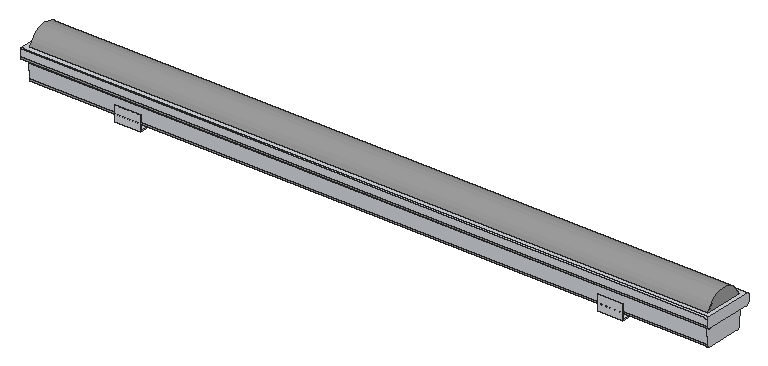
Revit family "0010237", category Lighting Fixtures, host Face, Revit 2017 (continued)
Types (60, lengths in mm): name | Weight | Wattage | TypeName | built-in parameter 1150134 | Photometric Web File | PowerFactor | PowerConsumption | NominalLength | Name | ModelReference | ModelNumber | Model | LuminousEfficacy | built-in parameter 1150105 | Lumens | LampNominalLuminous | LampMacAdamStep | LampColourTemperature | LENGHT_SYL | LENGHT_CHAMFER_SYL | LENGHT-_SYL | LENGHT-_CHAMFER_SYL | L0650_SYL | L1500_SYL | L1200_SYL | built-in parameter 1150107 | built-in parameter 1150106 | built-in parameter 1150104 | DocumentationLiterature | Description | BRACKET_WIDTH_SYL | BRACKET_DIST_SYL | Apparent Load
  0010215 RESISTO 1200 IP66 4800LM 840 QC | "1.61 kg" | 35 W | "Resisto  1200 IP66 4800lm 840 QC" | 12 | "0010215.ies" | 0.95 | "35 W" | 1212 | "Resisto  1200 IP66 4800lm 840 QC" | "Resisto  1200 IP66 4800lm 840 QC" | "0010215" | "Resisto  1200 IP66 4800lm 840 QC" | "137 lm/W" | 1583.6 (stored number, unit not read) | 4795 lm | "4800 lm" | "5" | "4000 K" | 592 | 600 | -592 | -600 | no | no | yes | 4000 (stored number, unit not read) | 15.836 (stored number, unit not read) | 12.728 (stored number, unit not read) | "http://www.sylvania-lighting.com/product/en-int/products/0010215" | "Resisto, integrated LED weatherproof luminaire, with UV stabilized flat diffuser designed to achieve uniform lit appearance, optimise light output and to reduce glare. 301 stainless steel diffuser clips and fixing brackets for surface mounting. Polycarbonate housing and diffuser - no yellow discolouration over time. 4800lm; 35W; 137lm/W; 4000K; SDCM<5; non dimmable; CRI80; IP66; IK08; Class I; 69,000hrs (L80B20) lifespan; 1200mm x 89mm x 88mm; D-mark; assembled with quick connector." | 400 | 444 | 35 VA
  0010214 RESISTO 1200 IP66 2800LM 840 QC | "1.57 kg" | 21 W | "Resisto  1200 IP66 2800lm 840 QC" | 12 | "0010214.ies" | 0.95 | "21 W" | 1212 | "Resisto  1200 IP66 2800lm 840 QC" | "Resisto  1200 IP66 2800lm 840 QC" | "0010214" | "Resisto  1200 IP66 2800lm 840 QC" | "133 lm/W" | 917.95 (stored number, unit not read) | 2793 lm | "2800 lm" | "5" | "4000 K" | 592 | 600 | -592 | -600 | no | no | yes | 4000 (stored number, unit not read) | 9.1795 (stored number, unit not read) | 12.356 (stored number, unit not read) | "http://www.sylvania-lighting.com/product/en-int/products/0010214" | "Resisto, integrated LED weatherproof luminaire, with UV stabilized flat diffuser designed to achieve uniform lit appearance, optimise light output and to reduce glare. 301 stainless steel diffuser clips and fixing brackets for surface mounting. Polycarbonate housing and diffuser - no yellow discolouration over time. 2800lm; 21W; 133lm/W; 4000K; SDCM<5; non dimmable; CRI80; IP66; IK08; Class I; 69,000hrs (L80B20) lifespan; 1200mm x 89mm x 88mm; D-mark; assembled with quick connector." | 400 | 444 | 21 VA
  0010213 RESISTO 1200 IP66 4800LM 865 | "1.54 kg" | 35 W | "Resisto  1200 IP66 4800lm 865" | 1 | "0010213.ies" | 0.95 | "35 W" | 1200 | "Resisto  1200 IP66 4800lm 865" | "Resisto  1200 IP66 4800lm 865" | "0010213" | "Resisto  1200 IP66 4800lm 865" | "137 lm/W" | 1583.6 (stored number, unit not read) | 4795 lm | "4800 lm" | "5" | "6500 K" | 592 | 600 | -592 | -600 | no | no | yes | 6500 (stored number, unit not read) | 15.836 (stored number, unit not read) | 12.728 (stored number, unit not read) | "http://www.sylvania-lighting.com/product/en-int/products/0010213" | "Resisto, integrated LED weatherproof luminaire, with UV stabilized flat diffuser designed to achieve uniform lit appearance, optimise light output and to reduce glare. 301 stainless steel diffuser clips and fixing brackets for surface mounting. Polycarbonate housing and diffuser - no yellow discolouration over time. 4800lm; 35W; 137lm/W; 6500K; SDCM<5; non dimmable; CRI80; IP66; IK08; Class I; 69,000hrs (L80B20) lifespan; 1200mm x 89mm x 88mm; D-mark." | 400 | 444 | 35 VA
  0010212 RESISTO 1200 IP66 2800LM 865 | "1.5 kg" | 21 W | "Resisto  1200 IP66 2800lm 865" | 1 | "0010212.ies" | 0.95 | "21 W" | 1200 | "Resisto  1200 IP66 2800lm 865" | "Resisto  1200 IP66 2800lm 865" | "0010212" | "Resisto  1200 IP66 2800lm 865" | "133 lm/W" | 917.95 (stored number, unit not read) | 2793 lm | "2800 lm" | "5" | "6500 K" | 592 | 600 | -592 | -600 | no | no | yes | 6500 (stored number, unit not read) | 9.1795 (stored number, unit not read) | 12.356 (stored number, unit not read) | "http://www.sylvania-lighting.com/product/en-int/products/0010212" | "Resisto, integrated LED weatherproof luminaire, with UV stabilized flat diffuser designed to achieve uniform lit appearance, optimise light output and to reduce glare. 301 stainless steel diffuser clips and fixing brackets for surface mounting. Polycarbonate housing and diffuser - no yellow discolouration over time. 2800lm; 21W; 133lm/W; 6500K; SDCM<5; non dimmable; CRI80; IP66; IK08; Class I; 69,000hrs (L80B20) lifespan; 1200mm x 89mm x 88mm; D-mark." | 400 | 444 | 21 VA
  0010211 RESISTO 1200 IP66 4800LM 840 | "11.88 kg" | 35 W | "Resisto  1200 IP66 4800lm 840" | 12 | "0010211.ies" | 0.95 | "35.0 W" | 1200 | "Resisto  1200 IP66 4800lm 840" | "Resisto  1200 IP66 4800lm 840" | "0010211" | "Resisto  1200 IP66 4800lm 840" | "137 lm/W" | -7601417.6 (stored number, unit not read) | 4795 lm | "4800 lm" | "5" | "4000 K" | 592 | 600 | -592 | -600 | no | no | yes | 4000 (stored number, unit not read) | -76014.2 (stored number, unit not read) | 12.728 (stored number, unit not read) | "http://www.sylvania-lighting.com/product/en-int/products/0010211" | "Resisto, integrated LED weatherproof luminaire, with UV stabilized flat diffuser designed to achieve uniform lit appearance, optimise light output and to reduce glare. 301 stainless steel diffuser clips and fixing brackets for surface mounting. Polycarbonate housing and diffuser - no yellow discolouration over time. 4800lm; 35W; 137lm/W; 4000K; SDCM<5; non dimmable; CRI80; IP66; IK08; Class I; 69,000hrs (L80B20) lifespan; 1200mm x 89mm x 88mm; D-mark." | 400 | 444 | 35 VA
  0010210 RESISTO 1200 IP66 2800LM 840 | "11.88 kg" | 21 W | "Resisto  1200 IP66 2800lm 840" | 12 | "0010210.ies" | 0.95 | "21.0 W" | 1200 | "Resisto  1200 IP66 2800lm 840" | "Resisto  1200 IP66 2800lm 840" | "0010210" | "Resisto  1200 IP66 2800lm 840" | "133 lm/W" | -2570258.2 (stored number, unit not read) | 2793 lm | "2800 lm" | "5" | "4000 K" | 592 | 600 | -592 | -600 | no | no | yes | 4000 (stored number, unit not read) | -25702.6 (stored number, unit not read) | 12.356 (stored number, unit not read) | "http://www.sylvania-lighting.com/product/en-int/products/0010210" | "Resisto, integrated LED weatherproof luminaire, with UV stabilized flat diffuser designed to achieve uniform lit appearance, optimise light output and to reduce glare. 301 stainless steel diffuser clips and fixing brackets for surface mounting. Polycarbonate housing and diffuser - no yellow discolouration over time. 2800lm; 21W; 133lm/W; 4000K; SDCM<5; non dimmable; CRI80; IP66; IK08; Class I; 69,000hrs (L80B20) lifespan; 1200mm x 89mm x 88mm; D-mark." | 400 | 444 | 21 VA
  0010209 RESISTO 1200 IP66 4800LM 830 | "1.54 kg" | 35 W | "Resisto  1200 IP66 4800lm 830" | (empty or 0) | "0010209.ies" | 0.95 | "35 W" | 1200 | "Resisto  1200 IP66 4800lm 830" | "Resisto  1200 IP66 4800lm 830" | "0010209" | "Resisto  1200 IP66 4800lm 830" | "137 lm/W" | 1583.6 (stored number, unit not read) | 4795 lm | "4800 lm" | "5" | "3000 K" | 592 | 600 | -592 | -600 | no | no | yes | 3000 (stored number, unit not read) | 15.836 (stored number, unit not read) | 12.728 (stored number, unit not read) | "http://www.sylvania-lighting.com/product/en-int/products/0010209" | "Resisto, integrated LED weatherproof luminaire, with UV stabilized flat diffuser designed to achieve uniform lit appearance, optimise light output and to reduce glare. 301 stainless steel diffuser clips and fixing brackets for surface mounting. Polycarbonate housing and diffuser - no yellow discolouration over time. 4800lm; 35W; 137lm/W; 3000K; SDCM<5; non dimmable; CRI80; IP66; IK08; Class I; 69,000hrs (L80B20) lifespan; 1200mm x 89mm x 88mm; D-mark." | 400 | 444 | 35 VA
  0010208 RESISTO 1200 IP66 2800LM 830 | "1.5 kg" | 21 W | "Resisto  1200 IP66 2800lm 830" | (empty or 0) | "0010208.ies" | 0.95 | "21 W" | 1200 | "Resisto  1200 IP66 2800lm 830" | "Resisto  1200 IP66 2800lm 830" | "0010208" | "Resisto  1200 IP66 2800lm 830" | "133 lm/W" | 917.95 (stored number, unit not read) | 2793 lm | "2800 lm" | "5" | "3000 K" | 592 | 600 | -592 | -600 | no | no | yes | 3000 (stored number, unit not read) | 9.1795 (stored number, unit not read) | 12.356 (stored number, unit not read) | "http://www.sylvania-lighting.com/product/en-int/products/0010208" | "Resisto, integrated LED weatherproof luminaire, with UV stabilized flat diffuser designed to achieve uniform lit appearance, optimise light output and to reduce glare. 301 stainless steel diffuser clips and fixing brackets for surface mounting. Polycarbonate housing and diffuser - no yellow discolouration over time. 2800lm; 21W; 133lm/W; 3000K; SDCM<5; non dimmable; CRI80; IP66; IK08; Class I; 69,000hrs (L80B20) lifespan; 1200mm x 89mm x 88mm; D-mark." | 400 | 444 | 21 VA
  0010207 RESISTO 600 HE IP66 2500LM 840 | "0.96 kg" | 16 W | "Resisto  600 HE IP66 2500lm 840" | 12 | "0010207.ies" | 0.95 | "16 W" | 650 | "Resisto  600 HE IP66 2500lm 840" | "Resisto  600 HE IP66 2500lm 840" | "0010207" | "Resisto  600 HE IP66 2500lm 840" | "156 lm/W" | 829.02 (stored number, unit not read) | 2496 lm | "2500 lm" | "3" | "4000 K" | 317 | 325 | -317 | -325 | yes | no | no | 4000 (stored number, unit not read) | 8.2902 (stored number, unit not read) | 14.493 (stored number, unit not read) | "http://www.sylvania-lighting.com/product/en-int/products/0010207" | "Resisto, integrated LED weatherproof luminaire, with UV stabilized flat diffuser designed to achieve uniform lit appearance, optimise light output and to reduce glare. 301 stainless steel diffuser clips and fixing brackets for surface mounting. Polycarbonate housing and diffuser - no yellow discolouration over time. 2500lm; 16W; 156lm/W; 4000K; SDCM<3; non dimmable; CRI80; IP66; IK08; Class I; 69,000hrs (L80B20) lifespan; 650mm x 89mm x 88mm; D-mark." | 125 | 169 | 16 VA
  0010206 RESISTO 600 HE IP66 1400LM 840 | "0.88 kg" | 10 W | "Resisto  600 HE IP66 1400lm 840" | 12 | "0010206.ies" | 0.9 | "10 W" | 650 | "Resisto  600 HE IP66 1400lm 840" | "Resisto  600 HE IP66 1400lm 840" | "0010206" | "Resisto  600 HE IP66 1400lm 840" | "140 lm/W" | 479.25 (stored number, unit not read) | 1400 lm | "1400 lm" | "3" | "4000 K" | 317 | 325 | -317 | -325 | yes | no | no | 4000 (stored number, unit not read) | 4.7925 (stored number, unit not read) | 13.006 (stored number, unit not read) | "http://www.sylvania-lighting.com/product/en-int/products/0010206" | "Resisto, integrated LED weatherproof luminaire, with UV stabilized flat diffuser designed to achieve uniform lit appearance, optimise light output and to reduce glare. 301 stainless steel diffuser clips and fixing brackets for surface mounting. Polycarbonate housing and diffuser - no yellow discolouration over time. 1400lm; 10W; 140lm/W; 4000K; SDCM<3; non dimmable; CRI80; IP66; IK08; Class I; 69,000hrs (L80B20) lifespan; 650mm x 89mm x 88mm; D-mark." | 125 | 169 | 10 VA
  0010205 RESISTO 600 IP66 2500LM 865 | "0.88 kg" | 19 W | "Resisto  600 IP66 2500lm 865" | 1 | "0010205.ies" | 1 | "19 W" | 650 | "Resisto  600 IP66 2500lm 865" | "Resisto  600 IP66 2500lm 865" | "0010205" | "Resisto  600 IP66 2500lm 865" | "132 lm/W" | 833.01 (stored number, unit not read) | 2508 lm | "2500 lm" | "5" | "6500 K" | 317 | 325 | -317 | -325 | yes | no | no | 6500 (stored number, unit not read) | 8.3301 (stored number, unit not read) | 12.263 (stored number, unit not read) | "http://www.sylvania-lighting.com/product/en-int/products/0010205" | "Resisto, integrated LED weatherproof luminaire, with UV stabilized flat diffuser designed to achieve uniform lit appearance, optimise light output and to reduce glare. 301 stainless steel diffuser clips and fixing brackets for surface mounting. Polycarbonate housing and diffuser - no yellow discolouration over time. 2500lm; 19W; 132lm/W; 6500K; SDCM<5; non dimmable; CRI80; IP66; IK08; Class I; 69,000hrs (L80B20) lifespan; 650mm x 89mm x 88mm; D-mark." | 125 | 169 | 19 VA
  0010204 RESISTO 600 IP66 1600LM 865 | "0.88 kg" | 12 W | "Resisto  600 IP66 1600lm 865" | 1 | "0010204.ies" | 0.9 | "12 W" | 650 | "Resisto  600 IP66 1600lm 865" | "Resisto  600 IP66 1600lm 865" | "0010204" | "Resisto  600 IP66 1600lm 865" | "133 lm/W" | 546.34 (stored number, unit not read) | 1596 lm | "1600 lm" | "5" | "6500 K" | 317 | 325 | -317 | -325 | yes | no | no | 6500 (stored number, unit not read) | 5.4634 (stored number, unit not read) | 12.356 (stored number, unit not read) | "http://www.sylvania-lighting.com/product/en-int/products/0010204" | "Resisto, integrated LED weatherproof luminaire, with UV stabilized flat diffuser designed to achieve uniform lit appearance, optimise light output and to reduce glare. 301 stainless steel diffuser clips and fixing brackets for surface mounting. Polycarbonate housing and diffuser - no yellow discolouration over time. 1600lm; 12W; 133lm/W; 6500K; SDCM<5; non dimmable; CRI80; IP66; IK08; Class I; 69,000hrs (L80B20) lifespan; 650mm x 89mm x 88mm; D-mark." | 125 | 169 | 12 VA
  0010203 RESISTO 600 IP66 2500LM 840 | "10.2 kg" | 19 W | "Resisto  600 IP66 2500lm 840" | 12 | "0010203.ies" | 0.95 | "19.0 W" | 650 | "Resisto  600 IP66 2500lm 840" | "Resisto  600 IP66 2500lm 840" | "0010203" | "Resisto  600 IP66 2500lm 840" | "132 lm/W" | -2082492.7 (stored number, unit not read) | 2508 lm | "2500 lm" | "5" | "4000 K" | 317 | 325 | -317 | -325 | yes | no | no | 4000 (stored number, unit not read) | -20824.9 (stored number, unit not read) | 12.263 (stored number, unit not read) | "http://www.sylvania-lighting.com/product/en-int/products/0010203" | "Resisto, integrated LED weatherproof luminaire, with UV stabilized flat diffuser designed to achieve uniform lit appearance, optimise light output and to reduce glare. 301 stainless steel diffuser clips and fixing brackets for surface mounting. Polycarbonate housing and diffuser - no yellow discolouration over time. 2500lm; 19W; 132lm/W; 4000K; SDCM<5; non dimmable; CRI80; IP66; IK08; Class I; 69,000hrs (L80B20) lifespan; 650mm x 89mm x 88mm; D-mark." | 125 | 169 | 19 VA
  0010202 RESISTO 600 IP66 1600LM 840 | "10.2 kg" | 12 W | "Resisto  600 IP66 1600lm 840" | 12 | "0010202.ies" | 0.9 | "12.0 W" | 650 | "Resisto  600 IP66 1600lm 840" | "Resisto  600 IP66 1600lm 840" | "0010202" | "Resisto  600 IP66 1600lm 840" | "133 lm/W" | -874129.2 (stored number, unit not read) | 1596 lm | "1600 lm" | "5" | "4000 K" | 317 | 325 | -317 | -325 | yes | no | no | 4000 (stored number, unit not read) | -8741.3 (stored number, unit not read) | 12.356 (stored number, unit not read) | "http://www.sylvania-lighting.com/product/en-int/products/0010202" | "Resisto, integrated LED weatherproof luminaire, with UV stabilized flat diffuser designed to achieve uniform lit appearance, optimise light output and to reduce glare. 301 stainless steel diffuser clips and fixing brackets for surface mounting. Polycarbonate housing and diffuser - no yellow discolouration over time. 1600lm; 12W; 133lm/W; 4000K; SDCM<5; non dimmable; CRI80; IP66; IK08; Class I; 69,000hrs (L80B20) lifespan; 650mm x 89mm x 88mm; D-mark." | 125 | 169 | 12 VA
  0010279 RESISTO 1500 HE IP66 DALI 8300LM 840 | "2.01 kg" | 54 W | "Resisto 1500 HE IP66 DALI 8300lm 840" | 12 | "0010279.ies" | 0.99 | "54 W" | 1500 | "Resisto 1500 HE IP66 DALI 8300lm 840" | "Resisto 1500 HE IP66 DALI 8300lm 840" | "0010279" | "Resisto 1500 HE IP66 DALI 8300lm 840" | "154 lm/W" | 2773 (stored number, unit not read) | 8316 lm | "8300 lm" | "3" | "4000 K" | 742 | 750 | -742 | -750 | no | yes | no | 4000 (stored number, unit not read) | 27.73 (stored number, unit not read) | 14.307 (stored number, unit not read) | "http://www.sylvania-lighting.com/product/en-int/products/0010279" | "Resisto, integrated LED weatherproof luminaire, with UV stabilized flat diffuser designed to achieve uniform lit appearance, optimise light output and to reduce glare. 301 stainless steel diffuser clips and fixing brackets for surface mounting. Polycarbonate housing and diffuser - no yellow discolouration over time. 8300lm; 54W; 154lm/W; 4000K; SDCM<3; DALI dimmable; CRI80; IP66; IK08; Class I; 69,000hrs (L80B20) lifespan; 1500mm x 89mm x 88mm; D-mark." | 550 | 594 | 54 VA
